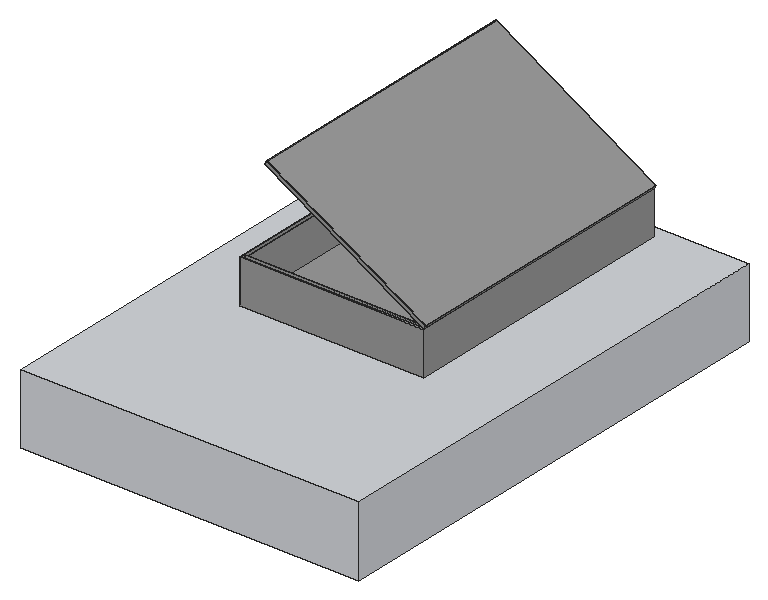
Revit family "Hager-Univers-IP44-D205-H1250-Cl.II-Encl-DE-de", category Equipement électrique, Revit 2020
Family settings
  Hôte = Face
  Configuration du panneau = Deux colonnes, circuits au sein
  Cote de connecteur circulaire = Utiliser le diamètre
  Type d'élément = Tableau de raccordement
  Couper avec des vides une fois chargée = Non
  Partagée = Non
  Point de calcul de pièce = Non
Parameters (values of type "Aufputz IP44 B800 H1250 T205  - FP83SN2")
  Width Control [instance] = if([EF000008 - Breite] > Min Width, [EF000008 - Breite], Min Width)  # 800 mm
  Commentaires du type = [HG000003 - Bereich]  # "Univers"
  Thickness Door [instance] = if([EF009171 - Materialstärke Tür/Deckel] > 3 mm, 3 mm, [EF009171 - Materialstärke Tür/Deckel])  # 1 mm
  Seal Frame Offset [instance] = 17 mm  # constant formula
  Plinth Visibility [instance] = [HG000027 - Sockelhöhe] > 0 mm  # no
  Model = ""
  Min Width [instance] = 100 mm  # constant formula
  Min Height [instance] = 100 mm  # constant formula
  Min Depth [instance] = (2 * [EF009170 - Materialstärke Gehäuse]) + 1 mm  # 3 mm
  Internal Frame Depth [instance] = (Door System Depth * 0.5)  # 9 mm
  Height Control [instance] = if([EF000040 - Höhe] > Min Height, [EF000040 - Höhe], Min Height)  # 1250 mm
  HG000027 - Sockelhöhe = 0 mm
  HG000026 - Stehend auf dem Boden = no
  HG000024 - Höhe des unteren Teils = 800 mm
  HG000023 - Gehäuse mit doppeltem Querschnitt = no
  HG000016 - 3D-Türsichtbarkeit [instance] = yes
  HG000015 - Sichtbarkeit der Türöffnung [instance] = no
  HG000014 - Tür rechts [instance] = yes
  HG000013 - Tür links [instance] = not([HG000014 - Tür rechts])  # no
  HG000012 - Türschwenkwinkel [instance] = 30.00°
  HG000010 - Asymmetrische Türen = no
  HG000009 - Doppelflügeligen Tür = no
  HG000006 - Unterputz = no
  HG000004 - Herstellerreferenz = "FP83SN2"
  HG000003 - Bereich = "Univers"
  HG000002 - Mit tür = yes
  Frame Offset Bottom [instance] = 10 mm  # constant formula
  Frame Offset [instance] = 15 mm  # constant formula
  EF015940 - Deckel mit Überdruckentlastung = no
  EF011959 - Schutzart (NEMA) = ""
  EF009554 - Anzahl der Öffnungen für Flanschplatten = 6
  Fabricant = "Hager"  # constant formula
  EF009212 - Ausführung Deckel = "EV000116 - geschlossen"
  EF009171 - Materialstärke Tür/Deckel = 1 mm
  EF009170 - Materialstärke Gehäuse = 1 mm
  EF008873 - Nennstrom (In) = 250 A
  EF007800 - Geeignet für Blitzschutz = no
  EF006306 - Mit Schloss = no
  EF006244 - Transparenter Deckel/Tür = no
  EF005474 - Schutzart (IP) = "EV006418 - IP44"
  EF004464 - Art der Tür = "EV002646 - Einzel"
  EF004427 - Anzahl der Module = 288
  EF004293 - Schlagfestigkeit = "EV006815 - IK09"
  EF003532 - Geeignet für Außengebrauch = no
  EF002950 - Breite in Teilungseinheiten = 36
  EF001613 - Funktionserhalt = "EV000494 - ohne"
  EF001596 - Werkstoff des Gehäuses = "EV000179 - Stahl"
  EF001131 - Innentiefe = 130 mm
  EF001088 - Anbaumöglichkeit = yes
  EF000437 - Anzahl der Leitungseinführungen = 6
  EF000339 - Art der Abdeckung = "EV004216 - Tür"
  EF000266 - Anzahl der Reihen = 8
  EF000218 - Einbautiefe = 205 mm
  EF000118 - Mit Montageplatte = no
  EF000116 - RAL-Nummer = "9010"
  EF000049 - Tiefe = 205 mm
  EF000040 - Höhe = 1250 mm
  EF000008 - Breite = 800 mm
  EF000007 - Farbe = "EV000202 - weiß"
  EF000003 - Montageart = "EV000384 - Aufputz"
  Door System Leaf Tolerance [instance] = 1.5 mm  # constant formula
  Door System Depth [instance] = 18 mm  # constant formula
  Door Height [instance] = Height Control - [HG000027 - Sockelhöhe]  # 1250 mm
  Depth Control [instance] = if([EF000049 - Tiefe] > Min Depth, [EF000049 - Tiefe], Min Depth)  # 205 mm
  Default Elevation = 0 mm
  Connector Offset [instance] = Height Control / 2  # 625 mm
  Bottom Top Plate Trim [instance] = 1.5 mm  # constant formula
  Plinth height Ctrl [instance] = if([HG000027 - Sockelhöhe] > 0 mm, [HG000027 - Sockelhöhe], 12 mm)  # 12 mm
Types (5, lengths in mm): name | Width Control | HG000010 - Asymmetrische Türen | HG000009 - Doppelflügeligen Tür | HG000004 - Herstellerreferenz | EF009554 - Anzahl der Öffnungen für Flanschplatten | EF004464 - Art der Tür | EF004427 - Anzahl der Module | EF002950 - Breite in Teilungseinheiten | EF001131 - Innentiefe | EF000437 - Anzahl der Leitungseinführungen | EF000339 - Art der Abdeckung | EF000008 - Breite
  Aufputz IP44 B1050 H1250 T205  - FP84SN2 | 1050 | no | yes | "FP84SN2" | 8 | "EV003602 - Doppel" | 384 | 48 | 130 | 8 | "EV004216 - Tür" | 1050
  Aufputz IP44 B1300 H1250 T205  - FP85SN2 | 1300 | yes | yes | "FP85SN2" | 10 | "EV003602 - Doppel" | 480 | 60 | 130 | 10 | "EV004216 - Tür" | 1300
  Aufputz IP44 B300 H1250 T205  - FP81SN2 | 300 | no | no | "FP81SN2" | 2 | "EV002646 - Einzel" | 96 | 12 | 143 | 2 | "EV001012 - Deckel" | 300
  Aufputz IP44 B550 H1250 T205  - FP82SN2 | 550 | no | no | "FP82SN2" | 4 | "EV002646 - Einzel" | 192 | 24 | 143 | 4 | "EV001012 - Deckel" | 550
  Aufputz IP44 B800 H1250 T205  - FP83SN2 | 800 | no | no | "FP83SN2" | 6 | "EV002646 - Einzel" | 288 | 36 | 130 | 6 | "EV004216 - Tür" | 800
Reference planes
  plane 1 "Center (Front/Back)": y = 0
  plane 2: z = 0
  plane 3 "Center (Left/Right)": x = 0
  plane 4: z = 205
  plane 5: y = 1
  plane 6: y = 625
  plane 7: y = 0
  plane 8: y = 1250
  plane 9: z = 0
  plane 10: x = -385
  plane 11: x = 385
  plane 12: x = 384
  plane 13: x = -384
  plane 14: y = 1249
  plane 15: x = -383
  plane 16: x = -400
  plane 17: x = 383
  plane 18: x = 400
  plane 19: x = 399
  plane 20: x = -399
  plane 21: y = 11
  plane 22: y = 1250
  plane 23: y = 1234
  plane 24: z = 187
  plane 25: z = 1
  plane 26: z = 186
  plane 27: z = 204
Forms (mm)
  Extrusion 1, solid
    sketch origin (0, 0, 0) x (1, 0, 0) y (0, 1, 0)
      loop
        line (-702.964, 1305) -> (-702.964, -811.445) -> (766.763, -811.445) -> (766.763, 1305) -> (-702.964, 1305)
    from 0 to -304.8
  Extrusion 2, solid, material "Hager_Steel_RAL7035_Light_Grey", visible <- "Plinth Visibility", detail levels medium+fine
    sketch origin (0, 0, 0) x (1, 0, 0) y (0, 1, 0)
      loop
        line (-400, 0) -> (400, 0) -> (400, 12) -> (-400, 12) -> (-400, 0)
    from 0 to 187
  Extrusion 3, solid, material "Hager_Steel_RAL7035_Light_Grey", detail levels medium+fine
    sketch origin (0, 0, 0) x (1, 0, 0) y (0, 1, 0)
      loop
        line (-400, 0) -> (400, 0) -> (400, 1250) -> (-400, 1250) -> (-400, 0)
    from 0 to 187
  Extrusion 4, void
    sketch origin (0, 0, 0) x (1, 0, 0) y (0, 1, 0)
      loop
        line (-399, 1) -> (399, 1) -> (399, 1249) -> (-399, 1249) -> (-399, 1)
    from 1 to 186
  Extrusion 5, void
    sketch origin (-381.607, -4572, 187) x (0, -1, 0) y (-1, 0, 0)
      loop
        line (-4583, 2.393) -> (-5806, 2.393) -> (-5806, -765.607) -> (-4583, -765.607) -> (-4583, 2.393)
    from 0 to 1 <- "EF009170 - Materialstärke Gehäuse"
  Extrusion 6, solid, material "Hager_Steel_RAL7035_Light_Grey", detail levels fine
    sketch origin (0, 0, 187) x (1, 0, 0) y (0, 1, 0)
      loop
        line (-384, 1234) -> (-384, 11) -> (384, 11) -> (384, 1234) -> (-384, 1234)
      loop
        line (-385, 10) -> (385, 10) -> (385, 1235) -> (-385, 1235) -> (-385, 10)
    from 0 to 9 <- "Internal Frame Depth"
  Extrusion 7, solid, material "Hager_Steel_RAL7035_Light_Grey", detail levels coarse
    sketch origin (0, 0, 0) x (1, 0, 0) y (0, 1, 0)
      loop
        line (-400, 0) -> (400, 0) -> (400, 1250) -> (-400, 1250) -> (-400, 0)
    from 0 to 205
  Sweep 8, void
    path in 3D
      loop
        line (-400, 12, 0) -> (400, 12, 0) -> (400, 12, 187) -> (-400, 12, 187) -> (-400, 12, 0)
    profile origin (-400, 12, 93.5) x (-1, 0, 0) y (0, -1, 0)
      loop
        line (0, 0) -> (0, 1.5) -> (-1.5, 1.5)
        arc (-1.5, 1.5) -> (-1.061, 0.439) -> (0, 0) r 1.5
Cuts and joins
  Extrusion 4, Extrusion 5 cuts Extrusion 3
  Sweep 8 cuts Extrusion 2
Lines and regions (mm)
  Masking region 1
    outline origin (0, 0, 0) x (1, 0, 0) y (0, 0, 1)
      loop
        line (-400, 205) -> (-400, 0) -> (400, 0) -> (400, 205) -> (-400, 205)
  Masking region 2, detail levels medium+fine
    outline origin (0, 140, 0) x (0, 1, 0) y (0, 0, 1)
      loop
        line (-140, 0) -> (1110, 0) -> (1110, 187) -> (-140, 187) -> (-140, 0)
  Masking region 3, not visible, detail levels medium+fine
    outline origin (0, 297.922, 0) x (0, 1, 0) y (0, 0, 1)
      loop
        line (338.578, 0) -> (378.578, 0) -> (378.578, 194)
        arc (378.578, 194) -> (375.649, 201.071) -> (368.578, 204) r 10
        line (368.578, 204) -> (338.578, 204) -> (338.578, 0)
  Masking region 4, detail levels coarse
    outline origin (0, 0, 180) x (0, 1, 0) y (0, 0, 1)
      loop
        line (0, -180) -> (1250, -180) -> (1250, 25) -> (0, 25) -> (0, -180)
  Masking region 5, visible <- "Plinth Visibility", detail levels medium+fine
    outline origin (0, 52.24, 12.345) x (0, 0, -1) y (0, 1, 0)
      loop
        line (10.845, -40.24) -> (-173.155, -40.24)
        arc (-173.155, -40.24) -> (-173.594, -41.301) -> (-174.655, -41.74) r 1.5
        line (-174.655, -41.74) -> (-174.655, -52.24) -> (12.345, -52.24) -> (12.345, -41.74)
        arc (12.345, -41.74) -> (11.285, -41.301) -> (10.845, -40.24) r 1.5
  Masking region 6, detail levels medium+fine
    outline origin (-381.607, -4572, 187) x (-1, 0, 0) y (0, -1, 0)
      loop
        line (18.393, -5822) -> (18.393, -4572) -> (-781.607, -4572) -> (-781.607, -5822) -> (18.393, -5822)
  Masking region 7, visible <- "Plinth Visibility", detail levels medium+fine
    outline origin (-381.607, -4727, 187) x (-1, 0, 0) y (0, -1, 0)
      loop
        arc (16.893, -4739) -> (17.332, -4737.939) -> (18.393, -4737.5) r 1.5
        line (18.393, -4737.5) -> (18.393, -4727) -> (-781.607, -4727) -> (-781.607, -4737.5)
        arc (-781.607, -4737.5) -> (-780.546, -4737.939) -> (-780.107, -4739) r 1.5
        line (-780.107, -4739) -> (16.893, -4739)
  Masking region 8, detail levels coarse
    outline origin (-442.548, -4669.526, 187) x (-1, 0, 0) y (0, -1, 0)
      loop
        line (-42.548, -5919.526) -> (-42.548, -4669.526) -> (-842.548, -4669.526) -> (-842.548, -5919.526) -> (-42.548, -5919.526)
  sketch lines
    curve 1: line (-400, 12, 187) -> (-400, 12, 0)
    curve 2: line (400, 12, 187) -> (-400, 12, 187)
    curve 3: line (400, 12, 187) -> (400, 12, 0)
    curve 4: line (-400, 12, 0) -> (400, 12, 0)
Dimensions and locks
  "Depth Control": plane 4 to Extrusion 1
  "HG000027 - Sockelhöhe": plane 1 "Center (Front/Back)" to plane 7
  "EF009170 - Materialstärke Gehäuse": plane 5 to plane 7
  locked: connector elem to plane 3 "Center (Left/Right)"
  equal spacing: plane 8, plane 6, plane 7
  locked: connector elem to plane 6
  "EF009170 - Materialstärke Gehäuse": plane 8 to plane 14
  "EF009170 - Materialstärke Gehäuse": plane 10 to plane 13
  "EF009170 - Materialstärke Gehäuse": plane 12 to plane 11
  "Frame Offset": plane 20 to plane 13
  "Frame Offset": plane 12 to plane 19
  "EF009170 - Materialstärke Gehäuse": plane 16 to plane 20
  "EF009170 - Materialstärke Gehäuse": plane 19 to plane 18
  "Seal Frame Offset": plane 16 to plane 15
  "Seal Frame Offset": plane 17 to plane 18
  "Frame Offset Bottom": plane 21 to plane 5
  "Frame Offset": plane 14 to plane 23
  equal spacing: plane 16, plane 3 "Center (Left/Right)", plane 18
  "Width Control": plane 16 to plane 18
  "EF009170 - Materialstärke Gehäuse": plane 4 to plane 27
  "EF009170 - Materialstärke Gehäuse": plane 24 to plane 26
  "EF009170 - Materialstärke Gehäuse": plane 25 to level
  "Door System Depth": plane 4 to plane 24
  "Height Control": plane 1 "Center (Front/Back)" to Extrusion 7 sketch curve
  "Height Control": Masking region 4 sketch curve to plane 1 "Center (Front/Back)"
  "Height Control": plane 1 "Center (Front/Back)" to plane 22
  "Bottom Top Plate Trim": profile plane to Sweep 8 sketch curve
  "Bottom Top Plate Trim": Sweep 8 sketch curve to profile plane
  "Plinth height Ctrl": plane 1 "Center (Front/Back)" to Extrusion 2 sketch curve
  "Plinth height Ctrl": Masking region 5 sketch curve to plane 1 "Center (Front/Back)"
  "Plinth height Ctrl": plane 1 "Center (Front/Back)" to Masking region 7 sketch curve
  "Thickness Door": Extrusion 6 sketch curve to Extrusion 6 sketch curve  (x3)
  "Thickness Door": cut or joined group of Extrusion 3, Extrusion 4, Extrusion 5 to Extrusion 6 sketch curve
  radius of Masking region 3 sketch curve = 10 mm
  "Bottom Top Plate Trim": radius of Masking region 5 sketch curve  (x2)
  "Bottom Top Plate Trim": radius of Sweep 8 sketch curve
  "Bottom Top Plate Trim": radius of Masking region 7 sketch curve  (x2)
  aligned and locked: plane 2 to Extrusion 1
  aligned and locked: level to Extrusion 1
  aligned and locked: level to Masking region 1 sketch curve
  aligned and locked: Masking region 1 sketch curve to plane 18
  aligned and locked: Masking region 1 sketch curve to plane 16
  aligned and locked: plane 7 to Masking region 2 sketch curve
  aligned and locked: level to Masking region 3 sketch curve
  aligned and locked: Masking region 3 sketch curve to plane 27
  aligned and locked: level to Masking region 2 sketch curve
  aligned and locked: plane 1 "Center (Front/Back)" to Extrusion 2 sketch curve
  aligned and locked: Extrusion 3 sketch curve to plane 7
  aligned and locked: plane 16 to Extrusion 3 sketch curve
  aligned and locked: plane 18 to Extrusion 3 sketch curve
  aligned and locked: plane 20 to Extrusion 4 sketch curve
  aligned and locked: plane 19 to Extrusion 4 sketch curve
  aligned and locked: Extrusion 4 sketch curve to plane 5
  aligned and locked: Extrusion 4 to plane 25
  aligned and locked: plane 26 to Extrusion 4
  aligned and locked: plane 24 to Extrusion 3
  aligned and locked: Extrusion 5 sketch curve to plane 21
  aligned and locked: Extrusion 5 sketch curve to plane 13
  aligned and locked: Extrusion 5 sketch curve to plane 12
  aligned and locked: plane 18 to Extrusion 7 sketch curve
  aligned and locked: plane 1 "Center (Front/Back)" to Extrusion 7 sketch curve
  aligned and locked: plane 16 to Extrusion 7 sketch curve
  aligned and locked: plane 4 to Extrusion 7
  aligned and locked: Extrusion 7 to level
  aligned and locked: level to Masking region 4 sketch curve
  aligned and locked: Masking region 4 sketch curve to plane 1 "Center (Front/Back)"
  aligned and locked: Masking region 4 sketch curve to plane 4
  aligned and locked: nested 1 to level
  aligned and locked: nested 1 to plane 16
  aligned and locked: plane 8 to Extrusion 3 sketch curve
  aligned and locked: plane 23 to Extrusion 5 sketch curve
  aligned and locked: plane 14 to Extrusion 4 sketch curve
  aligned and locked: Masking region 2 sketch curve to plane 8
  aligned and locked: level to Masking region 5 sketch curve
  aligned and locked: plane 16 to Extrusion 2 sketch curve
  aligned and locked: plane 18 to Extrusion 2 sketch curve
  aligned and locked: Masking region 5 sketch curve to plane 24
  aligned and locked: Masking region 2 sketch curve to plane 24
  aligned and locked: plane 24 to Extrusion 2
  aligned and locked: profile plane to Sweep 8 sketch curve  (x2)
  aligned and locked: Masking region 6 sketch curve to plane 18
  aligned and locked: Masking region 6 sketch curve to plane 22
  aligned and locked: Masking region 6 sketch curve to plane 16
  aligned and locked: plane 8 to plane 22
  aligned and locked: Masking region 6 sketch curve to plane 7
  aligned and locked: Masking region 7 sketch curve to plane 16
  aligned and locked: Masking region 7 sketch curve to plane 1 "Center (Front/Back)"
  aligned and locked: Masking region 7 sketch curve to plane 18
  aligned and locked: Masking region 8 sketch curve to plane 1 "Center (Front/Back)"
  aligned and locked: Masking region 8 sketch curve to plane 18
  aligned and locked: Masking region 8 sketch curve to plane 22
  aligned and locked: Masking region 8 sketch curve to plane 16
  aligned and locked: nested 2 to plane 7
  aligned and locked: plane 3 "Center (Left/Right)" to nested 2
  aligned and locked: nested 2 to plane 24
  aligned and locked: Extrusion 6 sketch curve to cut or joined group of Extrusion 3, Extrusion 4, Extrusion 5  (x4)
Automatic sketch dimensions
  Extrusion 1 sketch curve to Extrusion 1 sketch curve = 1469.727 mm
  Extrusion 1 sketch curve to Extrusion 1 sketch curve = 2116.445 mm
  Masking region 1 sketch curve to plane 4 = 0 mm
  plane 6 to Masking region 3 sketch curve = 11.5 mm
  Masking region 3 sketch curve to Masking region 3 sketch curve = 30 mm
  Masking region 5 sketch curve to plane 1 "Center (Front/Back)" = 0 mm
Nested families
  nested 1: "Hager_Enclosure_Symbol" at (-400, 0, 0) x (1, 0, 0) z (0, -1, 0), Height <- "Depth Control", Width <- "Width Control", type "Hager_Enclosure_Symbol"
    with Width_Ctrl 800 mm, Width 800 mm, Height_Ctrl 205 mm, Height 205 mm, A_Width_Int 13.453 mm, A_Width 161.438 mm, A_Height_Ctrl 179.375 mm, A_Height 179.375 mm
  nested 2: "EC000058_Univers_Door" at (0, 0, 187) x (1, 0, 0) z (0, 1, 0), Leaf_Tolerance <- "Door System Leaf Tolerance", Angle <- "HG000012 - Türschwenkwinkel", Door_Depth <- "Door System Depth", Door_Left <- "HG000013 - Tür links", Transparent <- "EF006244 - Transparenter Deckel/Tür", Assymetrical <- "HG000010 - Asymmetrische Türen", Width <- "Width Control", Clearance <- "HG000015 - Sichtbarkeit der Türöffnung", Double <- "HG000009 - Doppelflügeligen Tür", 3d_Door <- "HG000016 - 3D-Türsichtbarkeit", Lock_Visibility <- "EF006306 - Mit Schloss", Width_Ctrl <- "Width Control", Door_Right <- "HG000014 - Tür rechts", Door <- "HG000002 - Mit tür", Height <- "Door Height", Thickness <- "Thickness Door", type "EC000058_Univers_Door", detail levels medium+fine
    with min_wh 3 mm, Width_Ctrl 800 mm, Width 800 mm, Transparent no, Thickness 1 mm, Seal_Material Hager_Rubber, Lock_Visibility no, Lock_Material Hager_Plastic_RAL9005_Jet_Black, Leaf_Width 800 mm, Leaf_Tolerance_External_Sides 0 mm, Leaf_Tolerance 1.5 mm, Leaf_Offset 0 mm, Leaf_Height 1247 mm, Leaf_2_Width 800 mm, Leaf_2_Offset 400 mm, Leaf_1_Width 800 mm, Leaf_1_Offset 400 mm, Height_Ctrl 1250 mm, Height 1250 mm, Glass_Material Hager_Glass, Double_Clearance_Ctrl no, Double no, Door_Right_Ctrl yes, Door_Right yes, Door_Material Hager_Steel_RAL7035_Light_Grey, Door_Left_Ctrl no, Door_Left no, Door_Depth 18 mm, Door yes, Clearance_Material Hager_Clearance, Clearance_Depth 800 mm, Clearance_Ctrl no, Clearance no, Assymetrical no, Angle 30.00°, 3d_Door yes
Connectors
  electrical at (0, 625, 0)
    settings: on plane 9, index 1, voltage 0 V, apparent load 0 VA, apparent load phase1 0 VA, apparent load phase2 0 VA, apparent load phase3 0 VA, power factor 1, load classification "Other", number of poles 1, system type 30, power factor state 1, is connector primary yes, connector utility no, sub classification motor no, connector description ""
Definition of nested family "EC000058_Univers_Door"
  Parameters (values of type "EC000058_Univers_Door")
    min_wh [instance] = (2 * Thickness) + 1 mm  # 11 mm
    Width_Ctrl [instance] = 400 mm
    Width [instance] = 500 mm
    Transparent [instance] = yes
    Thickness [instance] = 5 mm
    Seal_Material [instance] = none
    Lock_Visibility [instance] = yes
    Lock_Material [instance] = none
    Leaf_Width [instance] = if((Width_Ctrl - 2 * Leaf_Tolerance_External_Sides) > 0 mm, (Width_Ctrl - 2 * Leaf_Tolerance_External_Sides), min_wh)  # 400 mm
    Leaf_Tolerance_External_Sides [instance] = 0 mm  # constant formula
    Leaf_Tolerance [instance] = 1.5 mm
    Leaf_Offset [instance] = 0 mm  # constant formula
    Leaf_Height [instance] = if((Height_Ctrl - 2 * Leaf_Tolerance) > 0 mm, (Height_Ctrl - 2 * Leaf_Tolerance), min_wh)  # 497 mm
    Leaf_2_Width [instance] = if(and(and(Double, Assymetrical), Door_Left), (Leaf_Width / 3) - (Leaf_Tolerance / 2), if(and(and(Double, Assymetrical), Door_Right), (Leaf_Width / 3) * 2 - (Leaf_Tolerance / 2), if(and(Double, not(Assymetrical)), (Leaf_Width / 2) - Leaf_Tolerance, Leaf_Width)))  # 400 mm
    Leaf_2_Offset [instance] = if(and(Double, Assymetrical), Leaf_2_Width / 2, if(and(Double, not(Assymetrical)), Leaf_Width / 4, Leaf_Width / 2))  # 200 mm
    Leaf_1_Width [instance] = if(and(and(Double, Assymetrical), Door_Right), (Leaf_Width / 3) - (Leaf_Tolerance / 2), if(and(and(Double, Assymetrical), Door_Left), (Width / 3) * 2 - (Leaf_Tolerance / 2), if(and(Double, not(Assymetrical)), (Leaf_Width / 2) - Leaf_Tolerance, Leaf_Width)))  # 400 mm
    Leaf_1_Offset [instance] = if(and(Double, Assymetrical), Leaf_1_Width / 2, if(and(Double, not(Assymetrical)), Leaf_Width / 4, Leaf_Width / 2))  # 200 mm
    Height_Ctrl [instance] = if(Height > min_wh, Height, min_wh)  # 500 mm
    Height [instance] = 500 mm
    Glass_Material [instance] = none
    Double_Clearance_Ctrl [instance] = and(Double, Clearance)  # no
    Double [instance] = no
    Door_Right_Ctrl [instance] = and(or(Door_Right, Double), Door)  # yes
    Door_Right [instance] = yes
    Door_Material [instance] = none
    Door_Left_Ctrl [instance] = and(or(Door_Left, Double), Door)  # no
    Door_Left [instance] = no
    Door_Depth [instance] = 30 mm
    Door [instance] = yes
    Default Elevation = 1219.2 mm
    Clearance_Material [instance] = none
    Clearance_Depth [instance] = if(Leaf_1_Width > Leaf_2_Width, Leaf_1_Width, Leaf_2_Width)  # 400 mm
    Clearance_Ctrl [instance] = and(not(Double), Clearance)  # yes
    Clearance [instance] = yes
    Assymetrical [instance] = yes
    Angle [instance] = 30.00°
    3d_Door [instance] = yes
  Reference planes
    plane 1 "Center (Front/Back)": y = 0
    plane 2 "Bottom": z = 0
    plane 3 "Center (Left/Right)": x = 0
    plane 4: z = 500
    plane 5: x = -200
    plane 6: x = 200
    plane 7: z = 500
    plane 8: x = -200
    plane 9: z = 0
    plane 10: x = 200
    plane 11: y = 0
    plane 12: z = 1.5
    plane 13: x = -600
    plane 14: y = -400
    plane 15: x = 600
    plane 16: x = 0
    plane 17: x = 0
    plane 18: x = -200
    plane 19: x = 200
    plane 20: z = 498.5
  Forms (mm)
    Extrusion 1, solid, material <- "Clearance_Material", visible <- "Double_Clearance_Ctrl"
      sketch origin (1200, 0, 0) x (1, 0, 0) y (0, 0, -1)
        loop
          line (-1800, -498.5) -> (-600, -498.5) -> (-600, 0) -> (-1800, 0) -> (-1800, -498.5)
      from 0 to -400
  Dimensions and locks
    equal spacing: plane 5, plane 3 "Center (Left/Right)", plane 6
    "Width_Ctrl": plane 5 to plane 6
    "Leaf_Offset": plane 5 to plane 8
    "Leaf_Offset": plane 6 to plane 10
    "Leaf_Offset": plane 9 to level
    "Leaf_Offset": plane 4 to plane 7
    "Height_Ctrl": plane 4 to level
    "Leaf_Tolerance": plane 12 to plane 9
    locked: plane 11 to plane 1 "Center (Front/Back)"
    "Leaf_1_Offset": plane 18 to plane 16
    "Leaf_2_Offset": plane 17 to plane 19
    "Leaf_1_Width": plane 13 to plane 8
    "Leaf_2_Width": plane 10 to plane 15
    "Clearance_Depth": plane 14 to plane 1 "Center (Front/Back)"
    "Leaf_Tolerance_External_Sides": plane 8 to plane 18
    "Leaf_Tolerance_External_Sides": plane 19 to plane 10
    "Leaf_Tolerance": plane 7 to plane 20
    aligned and locked: level to plane 2 "Bottom"
    aligned and locked: nested 1 to plane 16
    aligned and locked: nested 2 to plane 17
    aligned and locked: Extrusion 1 to plane 13
    aligned and locked: plane 15 to Extrusion 1
    aligned and locked: Extrusion 1 to plane 14
    aligned and locked: plane 12 to nested 1
    aligned and locked: nested 2 to plane 12
    aligned and locked: Extrusion 1 to plane 11
    aligned and locked: plane 20 to Extrusion 1
    aligned and locked: nested 2 to plane 11
    aligned and locked: nested 1 to plane 11
  Automatic sketch dimensions
    Extrusion 1 sketch curve to level = 0 mm
    plane 5 to Extrusion 1 sketch curve = 400 mm
    plane 6 to Extrusion 1 sketch curve = 400 mm
    Extrusion 1 sketch curve to plane 4 = 1.5 mm
  Nested families
    nested 1: "EC000058_Univers_Door_Leaf" at (0, 0, 1.5), Width <- "Leaf_1_Width", visible <- "Door_Left_Ctrl", Leaf_Height <- "Leaf_Height", Angle <- "Angle", 3d_Door <- "3d_Door", Transparent <- "Transparent", Clearance Material <- "Clearance_Material", Clearance <- "Clearance_Ctrl", Door_Material <- "Door_Material", Glass_Material <- "Glass_Material", Door_Depth <- "Door_Depth", Lock_Material <- "Lock_Material", Seal_Material <- "Seal_Material", Lock_Visibility <- "Lock_Visibility", Thickness <- "Thickness", type "EC000058_Univers_Door_Leaf"
      with Width 400 mm, Transparent_Glass_Offset 30 mm, Transparent_Ctrl yes, Transparent yes, Thickness 5 mm, Standard no, Seal_Material none, Seal_D2 8 mm, Seal_D1 1 mm, Offset_Internal_Frame 10 mm, Lock_Width 20 mm, Lock_Visibility_3d yes, Lock_Visibility yes, Lock_Thickness_3 3 mm, Lock_Thickness_2 1 mm, Lock_Thickness_1 3 mm, Lock_Radius_Offset_2 16 mm, Lock_Radius_Offset_1 15 mm, Lock_Radius_2 5 mm, Lock_Radius 6 mm, Lock_Offset 5 mm, Lock_Material none, Lock_Height 80 mm, Lock_Cover_Top_Offset_2d 17 mm, Lock_Cover_Height -65 mm, Leaf_Height 497 mm, Internal_Seal_Thickness 8 mm, Internal_Seal_Depth_2 4.5 mm, Internal_Frame_Depth 25 mm, Glass_Thickness -1 mm, Glass_Offset -2 mm, Glass_Material none, Door_Material none, Door_Depth 30 mm, Clearance Material none, Clearance yes, Angle_Ctrl 30.00°, Angle 30.00°, 3d_Door yes
    nested 2: "EC000058_Univers_Door_Leaf" at (0, 0, 1.5) x (-1, 0, 0) z (0, 0, 1), Width <- "Leaf_2_Width", visible <- "Door_Right_Ctrl", Leaf_Height <- "Leaf_Height", Angle <- "Angle", 3d_Door <- "3d_Door", Transparent <- "Transparent", Clearance Material <- "Clearance_Material", Clearance <- "Clearance_Ctrl", Door_Material <- "Door_Material", Glass_Material <- "Glass_Material", Door_Depth <- "Door_Depth", Lock_Material <- "Lock_Material", Seal_Material <- "Seal_Material", Lock_Visibility <- "Lock_Visibility", Thickness <- "Thickness", type "EC000058_Univers_Door_Leaf"
      with Width 400 mm, Transparent_Glass_Offset 30 mm, Transparent_Ctrl yes, Transparent yes, Thickness 5 mm, Standard no, Seal_Material none, Seal_D2 8 mm, Seal_D1 1 mm, Offset_Internal_Frame 10 mm, Lock_Width 20 mm, Lock_Visibility_3d yes, Lock_Visibility yes, Lock_Thickness_3 3 mm, Lock_Thickness_2 1 mm, Lock_Thickness_1 3 mm, Lock_Radius_Offset_2 16 mm, Lock_Radius_Offset_1 15 mm, Lock_Radius_2 5 mm, Lock_Radius 6 mm, Lock_Offset 5 mm, Lock_Material none, Lock_Height 80 mm, Lock_Cover_Top_Offset_2d 17 mm, Lock_Cover_Height -65 mm, Leaf_Height 497 mm, Internal_Seal_Thickness 8 mm, Internal_Seal_Depth_2 4.5 mm, Internal_Frame_Depth 25 mm, Glass_Thickness -1 mm, Glass_Offset -2 mm, Glass_Material none, Door_Material none, Door_Depth 30 mm, Clearance Material none, Clearance yes, Angle_Ctrl 30.00°, Angle 30.00°, 3d_Door yes
  Definition of nested family "EC000058_Univers_Door_Leaf"
    Parameters (values of type "EC000058_Univers_Door_Leaf")
      Width [instance] = 2000 mm
      Transparent_Glass_Offset [instance] = 30 mm
      Transparent_Ctrl [instance] = and(Transparent, [3d_Door])  # yes
      Transparent [instance] = yes
      Thickness [instance] = 5 mm
      Standard [instance] = and(not(Transparent), [3d_Door])  # no
      Seal_Material [instance] = none
      Seal_D2 [instance] = 8 mm  # constant formula
      Seal_D1 [instance] = 1 mm  # constant formula
      Offset_Internal_Frame [instance] = 10 mm  # constant formula
      Lock_Width [instance] = 20 mm  # constant formula
      Lock_Visibility_3d [instance] = and(Lock_Visibility, [3d_Door])  # yes
      Lock_Visibility [instance] = yes
      Lock_Thickness_3 [instance] = 3 mm  # constant formula
      Lock_Thickness_2 [instance] = 1 mm  # constant formula
      Lock_Thickness_1 [instance] = 3 mm  # constant formula
      Lock_Radius_Offset_2 [instance] = Lock_Radius_Offset_1 + 1 mm  # 16 mm
      Lock_Radius_Offset_1 [instance] = 15 mm  # constant formula
      Lock_Radius_2 [instance] = Lock_Radius - 1 mm  # 5 mm
      Lock_Radius [instance] = 6 mm  # constant formula
      Lock_Offset [instance] = 5 mm  # constant formula
      Lock_Material [instance] = none
      Lock_Height [instance] = 80 mm  # constant formula
      Lock_Cover_Top_Offset_2d [instance] = Lock_Radius_Offset_2 + 1 mm  # 17 mm
      Lock_Cover_Height [instance] = -(Lock_Height - Lock_Radius_Offset_1)  # -65 mm
      Leaf_Height [instance] = 2720.336 mm
      Internal_Seal_Thickness [instance] = 8 mm  # constant formula
      Internal_Seal_Depth_2 [instance] = 4.5 mm  # constant formula
      Internal_Frame_Depth [instance] = if(Door_Depth - Thickness > 5 mm, Door_Depth - Thickness, 5 mm)  # 25 mm
      Glass_Thickness [instance] = if(Thickness > 15 mm, Glass_Offset + 10 mm, -1 mm)  # -1 mm
      Glass_Offset [instance] = if(Thickness > 15 mm, -(Thickness + 10 mm) / 2, -2 mm)  # -2 mm
      Glass_Material [instance] = none
      Door_Material [instance] = none
      Door_Depth [instance] = 30 mm
      Default Elevation = 0 mm
      Clearance Material [instance] = none
      Clearance [instance] = yes
      Angle_Ctrl [instance] = if(Angle > 180.00°, 180.00°, Angle)  # 90.00°
      Angle [instance] = 90.00°
      3d_Door [instance] = yes
    Reference planes
      plane 1 "Center (Front/Back)": y = 0
      plane 2: z = 0
      plane 3 "Center (Left/Right)": x = 0
      plane 4: y = 2000
      plane 5: x = -1000
      plane 6: x = 1000
      plane 7: x = -3000
      plane 8: z = 2720.336
      plane 9: z = 30
      plane 10: z = 2690.336
      plane 11: x = 970
      plane 12: x = -970
      plane 13: y = -3
      plane 14: z = 107.833
      plane 15: y = -5
      plane 16: y = -223.314
      plane 17: x = -1000
      plane 18: z = 1360.168
      plane 19: y = 30
    Forms (mm)
      Extrusion 1, solid, material <- "Clearance Material", visible <- "Clearance"
        sketch origin (0, 0, 0) x (1, 0, 0) y (0, 0, 1)
          loop
            line (-3000, 2720.336) -> (-3000, 0) -> (1000, 0) -> (1000, 2720.336) -> (-3000, 2720.336)
        from 0 to -2000
      Extrusion 2, solid, material <- "Door_Material", visible <- "Standard", detail levels medium+fine
        sketch origin (-1000, 0, 0) x (0, 1, 0) y (-1, 0, 0)
          loop
            line (0, 30) -> (0, 25) -> (2000, 25) -> (2000, 30) -> (0, 30)
        from 0 to 2720.336 <- "Leaf_Height"
      Extrusion 3, solid, material <- "Door_Material", visible <- "Transparent_Ctrl", detail levels medium+fine
        sketch origin (-1000, 0, 0) x (0, 1, 0) y (-1, 0, 0)
          loop
            line (0, 25) -> (2000, 25) -> (2000, 30) -> (0, 30) -> (0, 25)
        from 0 to 2720.336 <- "Leaf_Height"
      Extrusion 4, void
        sketch origin (-1025, 2000, 0) x (0, 1, 0) y (0, 0, -1)
          loop
            line (-30, -2690.336) -> (-30, -30) -> (-1970, -30) -> (-1970, -2690.336) -> (-30, -2690.336)
        from 0 to 5 <- "Thickness"
      Sweep 5, solid, material <- "Seal_Material", visible <- "Transparent_Ctrl", detail levels fine
        path in 3D
          loop
            line (-1025, 30, 30) -> (-1025, 30, 2690.336) -> (-1025, 1970, 2690.336) -> (-1025, 1970, 30) -> (-1025, 30, 30)
        profile origin (-1025, 1000, 30) x (1, 0, 0) y (0, 0, 1)
          loop
            line (0, 0) -> (0, -8) -> (1, -8) -> (1, 0) -> (0, 0)
      Extrusion 6, solid, material <- "Glass_Material", visible <- "Transparent_Ctrl", detail levels medium+fine
        sketch origin (-1030, 0, 0) x (0, 1, 0) y (0, 0, -1)
          loop
            line (1970, -2690.336) -> (1970, -30) -> (30, -30) -> (30, -2690.336) -> (1970, -2690.336)
        from -2 <- "Glass_Offset" to -1 <- "Glass_Thickness"
      Extrusion 7, solid, material <- "Door_Material", visible <- "3d_Door", detail levels medium+fine
        sketch origin (-1025, 2000, 0) x (0, -1, 0) y (0, 0, -1)
          loop
            line (0, -2720.336) -> (2000, -2720.336) -> (2000, 0) -> (0, 0) -> (0, -2720.336)
          loop
            line (1995, -5) -> (5, -5) -> (5, -2715.336) -> (1995, -2715.336) -> (1995, -5)
        from 0 to 25 <- "Internal_Frame_Depth"
      Sweep 8, solid, material <- "Seal_Material", visible <- "Transparent_Ctrl", detail levels fine
        path in 3D
          loop
            line (-1025, 0, 0) -> (-1025, 2000, 0) -> (-1025, 2000, 2720.336) -> (-1025, 0, 2720.336) -> (-1025, 0, 0)
        profile origin (-1025, 0, 1360.168) x (1, 0, 0) y (0, 1, 0)
          loop
            line (0, 10) -> (2.975, 10)
            arc (2.975, 10) -> (4.053, 10.447) -> (4.5, 11.525) r 1.525
            line (4.5, 11.525) -> (4.5, 16.527)
            arc (4.5, 16.527) -> (4.069, 17.569) -> (3.027, 18) r 1.473
            line (3.027, 18) -> (0, 18) -> (0, 10)
      Extrusion 9, solid, material <- "Lock_Material", visible <- "Lock_Visibility_3d", detail levels fine
        sketch origin (-1030, 0, 0) x (0, 1, 0) y (0, 0, -1)
          loop
            arc (1993.5, -1400.168) -> (1994.561, -1399.729) -> (1995, -1398.668) r 1.5
            line (1995, -1398.668) -> (1995, -1320.168) -> (1975, -1320.168) -> (1975, -1398.668)
            arc (1975, -1398.668) -> (1975.439, -1399.729) -> (1976.5, -1400.168) r 1.5
            line (1976.5, -1400.168) -> (1993.5, -1400.168)
        from 3 <- "Lock_Thickness_1" to 0
      Blend 10, solid, material <- "Lock_Material", visible <- "Lock_Visibility_3d", detail levels fine
        base sketch origin (-1033, 0, 0) x (0, 1, 0) y (0, 0, -1)
          loop
            line (1975, -1320.168) -> (1975, -1398.668)
            arc (1975, -1398.668) -> (1975.439, -1399.729) -> (1976.5, -1400.168) r 1.5
            line (1976.5, -1400.168) -> (1993.5, -1400.168)
            arc (1993.5, -1400.168) -> (1994.561, -1399.729) -> (1995, -1398.668) r 1.5
            line (1995, -1398.668) -> (1995, -1320.168) -> (1975, -1320.168)
        top sketch origin (-1033, 0, 0) x (0, 1, 0) y (0, 0, -1)
          loop
            line (1976, -1320.168) -> (1976, -1398.668)
            arc (1976, -1398.668) -> (1976.146, -1399.022) -> (1976.5, -1399.168) r 0.5
            line (1976.5, -1399.168) -> (1993.5, -1399.168)
            arc (1993.5, -1399.168) -> (1993.854, -1399.022) -> (1994, -1398.668) r 0.5
            line (1994, -1398.668) -> (1994, -1320.168) -> (1976, -1320.168)
        from 0 to 1 <- "Lock_Thickness_2"
      Blend 11, solid, material <- "Lock_Material", visible <- "Lock_Visibility_3d", detail levels fine
        base sketch origin (-1034, 0, 0) x (0, 1, 0) y (0, 0, -1)
          loop
            line (1978, -1320.168) -> (1978, -1384.168)
            arc (1978, -1384.168) -> (1985, -1391.168) -> (1992, -1384.168) r 7
            line (1992, -1384.168) -> (1992, -1320.168) -> (1978, -1320.168)
        top sketch origin (-1034, 0, 0) x (0, 1, 0) y (0, 0, -1)
          loop
            line (1991, -1320.168) -> (1979, -1320.168) -> (1979, -1383.168)
            arc (1979, -1383.168) -> (1985, -1389.168) -> (1991, -1383.168) r 6
            line (1991, -1383.168) -> (1991, -1320.168)
        from 0 to 3 <- "Lock_Thickness_3"
      Extrusion 12, solid, material <- "Lock_Material", visible <- "Lock_Visibility_3d", detail levels fine
        sketch origin (-1030, 1975, 1320.168) x (1, 0, 0) y (0, -1, 0)
          loop
            line (-7, -19) -> (-7, -1) -> (0, -1) -> (0, 0) -> (-8, 0) -> (-8, -20) -> (0, -20) -> (0, -19) -> (-7, -19)
        from 0 to -65 <- "Lock_Cover_Height"
      Extrusion 13, void
        sketch origin (-1038, 1995, 1320.168) x (-1, 0, 0) y (0, 0, -1)
          loop
            line (-5, -65) -> (0, -65) -> (-5, -60) -> (-5, -65)
        from 0 to 20 <- "Lock_Width"
      Extrusion 14, void
        sketch origin (-1038, 1975, 1320.168) x (0, -1, 0) y (0, 0, -1)
          loop
            circle (-10, -15.995) r 6
          loop
            circle (-10, -15.995) r 5
        from 0 to 2
      Extrusion 15, solid, material <- "Lock_Material", visible <- "Lock_Visibility_3d", detail levels medium
        sketch origin (-1030, 0, 0) x (0, 1, 0) y (0, 0, -1)
          loop
            arc (1993.5, -1400.168) -> (1994.561, -1399.729) -> (1995, -1398.668) r 1.5
            line (1995, -1398.668) -> (1995, -1320.168) -> (1975, -1320.168) -> (1975, -1398.668)
            arc (1975, -1398.668) -> (1975.439, -1399.729) -> (1976.5, -1400.168) r 1.5
            line (1976.5, -1400.168) -> (1993.5, -1400.168)
        from 8 to 0
    Cuts and joins
      Extrusion 4 cuts Extrusion 3
      Extrusion 13, Extrusion 14 cuts Extrusion 9
      Extrusion 14 cuts Blend 11
      Extrusion 13, Extrusion 14 cuts Extrusion 12
      joined: Extrusion 9, Blend 10, Blend 11, Extrusion 12
      Extrusion 14 cuts Extrusion 15
    Lines and regions (mm)
      Masking region 1, visible <- "Lock_Visibility", detail levels fine
        outline origin (0, 0, 0) x (0, 1, 0) y (0, 0, 1)
          loop
            line (30, 1320.168) -> (33, 1320.168) -> (33, 1400.168) -> (30, 1400.168) -> (30, 1320.168)
      Masking region 2, visible <- "Lock_Visibility", detail levels fine
        outline origin (0, 3.143, 0) x (0, 1, 0) y (0, 0, 1)
          loop
            line (29.857, 1354.168) -> (30.857, 1354.168) -> (30.857, 1366.168) -> (29.857, 1366.168) -> (29.857, 1354.168)
      Masking region 3, detail levels medium+fine
        outline origin (0, 0, 0) x (0, 1, 0) y (0, 0, 1)
          loop
            line (0, 0) -> (30, 0) -> (30, 2720.336) -> (0, 2720.336) -> (0, 0)
      Masking region 4, detail levels medium+fine
        outline origin (0, 0, 0) x (1, 0, 0) y (0, 0, 1)
          loop
            line (-1000, 2720.336) -> (-1000, 0) -> (1000, 0) -> (1000, 2720.336) -> (-1000, 2720.336)
      Masking region 5, visible <- "Lock_Visibility", detail levels fine
        outline origin (-47.116, 0, 0) x (1, 0, 0) y (0, 0, 1)
          loop
            arc (1024.616, 1399.168) -> (1023.556, 1398.729) -> (1023.116, 1397.668) r 1.5
            line (1023.116, 1397.668) -> (1023.116, 1320.168) -> (1041.116, 1320.168) -> (1041.116, 1397.668)
            arc (1041.116, 1397.668) -> (1040.677, 1398.729) -> (1039.616, 1399.168) r 1.5
            line (1039.616, 1399.168) -> (1024.616, 1399.168)
      Masking region 6, visible <- "Lock_Visibility", detail levels medium+fine
        outline origin (-25, 0, 0) x (1, 0, 0) y (0, 0, 1)
          loop
            arc (1001.5, 1400.168) -> (1000.439, 1399.729) -> (1000, 1398.668) r 1.5
            line (1000, 1398.668) -> (1000, 1320.168) -> (1020, 1320.168) -> (1020, 1398.668)
            arc (1020, 1398.668) -> (1019.561, 1399.729) -> (1018.5, 1400.168) r 1.5
            line (1018.5, 1400.168) -> (1001.5, 1400.168)
      Masking region 7, visible <- "Lock_Visibility", detail levels fine
        outline origin (-73.735, 0, 0) x (1, 0, 0) y (0, 0, 1)
          loop
            line (1051.735, 1382.168) -> (1065.735, 1382.168) -> (1065.735, 1384.168)
            arc (1065.735, 1384.168) -> (1058.735, 1391.168) -> (1051.735, 1384.168) r 7
            line (1051.735, 1384.168) -> (1051.735, 1382.168)
      Masking region 8, visible <- "Lock_Visibility", detail levels fine
        outline origin (-73.735, 0, 0) x (1, 0, 0) y (0, 0, 1)
          loop
            line (1052.735, 1382.168) -> (1064.735, 1382.168) -> (1064.735, 1383.168)
            arc (1064.735, 1383.168) -> (1058.735, 1389.168) -> (1052.735, 1383.168) r 6
            line (1052.735, 1383.168) -> (1052.735, 1382.168)
      Masking region 9, visible <- "Lock_Visibility", detail levels fine
        outline origin (-25, 0, 0) x (1, 0, 0) y (0, 0, 1)
          loop
            line (1020, 1320.168) -> (1020, 1382.168) -> (1000, 1382.168) -> (1000, 1320.168) -> (1020, 1320.168)
      Masking region 10, detail levels medium+fine
        outline origin (0, 0, 0) x (1, 0, 0) y (0, 0, 1)
          loop
            circle (985, 1335.144) r 6
      Masking region 11, detail levels fine
        outline origin (0, 0, 0) x (1, 0, 0) y (0, 0, 1)
          loop
            circle (985, 1335.144) r 5
      Masking region 12, visible <- "Lock_Visibility", detail levels fine
        outline origin (0, 12.767, 0) x (0, 1, 0) y (0, 0, 1)
          loop
            line (20.233, 1320.168) -> (21.233, 1320.168) -> (21.233, 1399.168) -> (20.233, 1400.168) -> (20.233, 1320.168)
      Masking region 13, visible <- "Lock_Visibility", detail levels fine
        outline origin (0, 13.767, -10) x (0, 1, 0) y (0, 0, 1)
          loop
            line (20.233, 1330.168) -> (23.233, 1330.168) -> (23.233, 1399.168) -> (20.233, 1402.168) -> (20.233, 1330.168)
      Masking region 14, visible <- "Lock_Visibility", detail levels fine
        outline origin (0, 12.767, -10) x (0, 1, 0) y (0, 0, 1)
          loop
            line (20.233, 1330.168) -> (25.233, 1330.168) -> (25.233, 1399.305) -> (20.233, 1394.305) -> (20.233, 1330.168)
      Masking region 15, visible <- "Lock_Visibility", detail levels medium
        outline origin (0, 0, 0) x (0, 1, 0) y (0, 0, 1)
          loop
            line (30, 1320.168) -> (38, 1320.168) -> (38, 1400.168) -> (30, 1400.168) -> (30, 1320.168)
      Masking region 16, visible <- "Lock_Visibility", detail levels fine
        outline origin (-1000, 0, 0) x (0, 1, 0) y (-1, 0, 0)
          loop
            line (1975, 30) -> (1995, 30) -> (1995, 38) -> (1975, 38) -> (1975, 30)
          loop
            line (1979, 37) -> (1976, 37) -> (1976, 34) -> (1978, 34) -> (1979, 37)
          loop
            line (1994, 37) -> (1991, 37) -> (1992, 34) -> (1994, 34) -> (1994, 37)
      Masking region 17, visible <- "Lock_Visibility", detail levels medium
        outline origin (-1000, 0, 0) x (0, 1, 0) y (-1, 0, 0)
          loop
            line (1975, 30) -> (1995, 30) -> (1995, 38) -> (1975, 38) -> (1975, 30)
      symbolic lines
        curve 1: line (1000, 0, 0) -> (-3000, 0, 0)
        curve 2: arc (1000, 0, 0) -> (-1000, 2000, 0) -> (-3000, 0, 0) r 2000
        curve 4: line (-1030, 0, 0) -> (-1030, 2000, 0)
      reference lines
        curve 3: line (-1000, 0, 0) -> (-1000, 2000, 0)
      symbolic lines, detail levels medium+fine
        curve 5: line (-1030, 2000, 0) -> (-1025, 2000, 0)
        curve 7: line (-1025, 0, 0) -> (-1030, 0, 0)
        curve 8: line (-1025, 0, 0) -> (-1000, 0, 0)
        curve 9: line (-1000, 0, 0) -> (-1000, 2000, 0)
        curve 10: line (-1000, 2000, 0) -> (-1025, 2000, 0)
      symbolic lines, detail levels fine
        curve 6: line (-1025, 2000, 0) -> (-1025, 0, 0)
      sketch lines
        curve 11: line (-1025, 0, 2720.336) -> (-1025, 0, 0)
        curve 12: line (-1025, 2000, 0) -> (-1025, 0, 0)
        curve 13: line (-1025, 2000, 2720.336) -> (-1025, 2000, 0)
        curve 14: line (-1025, 0, 2720.336) -> (-1025, 2000, 2720.336)
        curve 15: line (-1025, 1970, 30) -> (-1025, 30, 30)
        curve 16: line (-1025, 30, 30) -> (-1025, 30, 2690.336)
        curve 17: line (-1025, 1970, 2690.336) -> (-1025, 1970, 30)
        curve 18: line (-1025, 30, 2690.336) -> (-1025, 1970, 2690.336)
      symbolic lines, visible <- "Transparent", detail levels medium+fine
        curve 19: line (-970, 0, 2690.336) -> (970, 0, 2690.336)
        curve 20: line (-970, 0, 30) -> (-970, 0, 2690.336)
        curve 21: line (970, 0, 30) -> (-970, 0, 30)
        curve 22: line (970, 0, 2690.336) -> (970, 0, 30)
    Dimensions and locks
      "Width": plane 1 "Center (Front/Back)" to plane 4
      equal spacing: plane 5, plane 3 "Center (Left/Right)", plane 6
      "Width": plane 5 to plane 6
      "Width": plane 7 to plane 5
      "Leaf_Height": plane 8 to level
      "Width": curve 5 to curve 3
      "Width": curve 3 to curve 3
      plane 8 to plane 10 = 30 mm
      plane 9 to level = 30 mm
      plane 12 to plane 5 = 30 mm
      plane 6 to plane 11 = 30 mm
      Extrusion 1 to Extrusion 4 sketch curve = 30 mm
      "Transparent_Glass_Offset": curve 3 to Extrusion 4 sketch curve
      "Transparent_Glass_Offset": Extrusion 4 sketch curve to cut or joined group of Extrusion 3, Extrusion 4  (x2)
      cut or joined group of Extrusion 3, Extrusion 4 to Extrusion 6 sketch curve = 30 mm
      "Transparent_Glass_Offset": cut or joined group of Extrusion 3, Extrusion 4 to Extrusion 4 sketch curve
      "Thickness": curve 6 to curve 4
      "Thickness": Extrusion 7 sketch curve to Extrusion 7 sketch curve  (x4)
      "Door_Depth": curve 4 to curve 3
      "Offset_Internal_Frame": profile plane to Sweep 8 sketch curve
      "Internal_Seal_Thickness": Sweep 8 sketch curve to Sweep 8 sketch curve
      "Internal_Seal_Depth_2": profile plane to Sweep 8 sketch curve
      "Seal_D1": profile plane to Sweep 5 sketch curve
      "Seal_D2": profile plane to Sweep 5 sketch curve
      "Thickness": Extrusion 2 sketch curve to Extrusion 2 sketch curve
      equal spacing: Extrusion 9 sketch curve, plane 18, Extrusion 9 sketch curve  (x2)
      equal spacing: Masking region 1 sketch curve, plane 18, Masking region 1 sketch curve
      "Lock_Height": Masking region 1 sketch curve to Masking region 1 sketch curve
      "Lock_Radius": Masking region 2 sketch curve to plane 18 to Masking region 2 sketch curve
      Masking region 2 sketch curve to Masking region 1 = 1 mm
      "Door_Depth": plane 19 to plane 1 "Center (Front/Back)"
      "Lock_Thickness_1": Masking region 1 sketch curve to plane 19
      "Lock_Width": Extrusion 9 sketch curve to Extrusion 9 sketch curve
      "Lock_Height": Extrusion 9 sketch curve to Extrusion 9 sketch curve
      "Lock_Offset": cut or joined group of Extrusion 3, Extrusion 4 to Extrusion 9 sketch curve
      equal spacing: plane 8, plane 18, level
      "Lock_Radius_Offset_1": Blend 11 sketch curve to Blend 10
      locked: Blend 10 to Blend 11 sketch curve at 2  (x2)
      locked: var sketch to Blend 11 sketch curve at 1  (x2)
      "Lock_Radius_Offset_2": Blend 11 sketch curve to Blend 10
      locked: Extrusion 12 sketch curve to Extrusion 12 sketch curve at 1  (x3)
      Masking region 6 sketch curve to Masking region 6 sketch curve = 80 mm
      "Lock_Height": Masking region 6 sketch curve to Masking region 6 sketch curve
      "Lock_Width": Masking region 6 sketch curve to Masking region 6 sketch curve
      locked: Masking region 6 to Masking region 5 sketch curve at 1  (x3)
      locked: Masking region 5 to Masking region 7 sketch curve at 2  (x2)
      "Lock_Radius_Offset_1": Masking region 5 to Masking region 7 sketch curve
      "Lock_Radius_Offset_2": Masking region 5 to Masking region 8 sketch curve
      locked: Masking region 7 to Masking region 8 sketch curve at 1  (x2)
      "Lock_Cover_Top_Offset_2d": Masking region 5 to Masking region 9 sketch curve
      equal spacing: Masking region 9, Masking region 10 sketch curve, Masking region 9
      equal spacing: Masking region 9, Masking region 11 sketch curve, Masking region 9
      Extrusion 15 sketch curve to Extrusion 15 sketch curve = 80 mm
      "Lock_Width": Extrusion 15 sketch curve to Extrusion 15 sketch curve
      "Lock_Height": Extrusion 15 sketch curve to Extrusion 15 sketch curve
      equal spacing: Extrusion 15 sketch curve, plane 18, Extrusion 15 sketch curve
      "Lock_Thickness_3": Masking region 13 sketch curve to Masking region 13 sketch curve
      "Lock_Height": Masking region 12 sketch curve to Masking region 12 sketch curve
      locked: Masking region 13 sketch curve to Masking region 1 at 8
      locked: Masking region 14 sketch curve to Masking region 13 at 1
      locked: Masking region 14 sketch curve to Masking region 1 at 10.863
      "Lock_Height": Masking region 15 sketch curve to Masking region 15 sketch curve
      "Lock_Offset": Extrusion 15 sketch curve to cut or joined group of Extrusion 3, Extrusion 4
      "Lock_Offset": plane 6 to Masking region 6 sketch curve
      radius of Sweep 8 sketch curve = 1.525 mm
      radius of Sweep 8 sketch curve = 1.473 mm
      radius of Extrusion 9 sketch curve = 1.5 mm  (x2)
      "Lock_Radius": radius of Extrusion 14 sketch curve
      "Lock_Radius_2": radius of Extrusion 14 sketch curve
      "Lock_Radius": radius of Masking region 10 sketch curve
      "Lock_Radius_2": radius of Masking region 11 sketch curve
      radius of Extrusion 15 sketch curve = 1.5 mm  (x2)
      "Angle_Ctrl": angle plane 1 "Center (Front/Back)" to curve 3
      locked: Masking region 12 sketch curve to Masking region 12 sketch curve (angle 45.00°)
      locked: Masking region 13 sketch curve to Masking region 13 sketch curve (angle 45.00°)
      locked: Masking region 14 sketch curve to Masking region 14 sketch curve (angle 45.00°)
      aligned and locked: level to plane 2
      aligned and locked: Extrusion 1 to curve 1
      aligned and locked: plane 6 to Extrusion 1
      aligned and locked: Extrusion 1 to plane 1 "Center (Front/Back)"
      aligned and locked: plane 4 to Extrusion 1
      aligned and locked: plane 8 to Extrusion 1
      aligned and locked: curve 7 to Extrusion 2 sketch curve
      aligned and locked: curve 5 to Extrusion 2 sketch curve
      aligned and locked: curve 7 to Extrusion 3 sketch curve
      aligned and locked: Extrusion 3 sketch curve to curve 4
      aligned and locked: Extrusion 3 sketch curve to curve 6
      aligned and locked: Extrusion 3 sketch curve to curve 5
      aligned and locked: curve 9 to curve 3
      aligned and locked: Extrusion 7 sketch curve to cut or joined group of Extrusion 3, Extrusion 4  (x4)
      aligned and locked: plane 17 to curve 3
      aligned and locked: plane 1 "Center (Front/Back)" to curve 3
      aligned and locked: plane 17 to plane 5
      aligned and locked: Sweep 8 sketch curve to profile plane
      aligned and locked: Sweep 5 sketch curve to profile plane  (x2)
      aligned and locked: Masking region 1 to Masking region 2 sketch curve
      aligned and locked: plane 19 to Masking region 1 sketch curve
      aligned and locked: plane 1 "Center (Front/Back)" to Masking region 3 sketch curve
      aligned and locked: plane 19 to Masking region 3 sketch curve
      aligned and locked: level to Masking region 3 sketch curve
      aligned and locked: Masking region 3 sketch curve to plane 8
      aligned and locked: plane 17 to Masking region 4 sketch curve
      aligned and locked: level to Masking region 4 sketch curve
      aligned and locked: Masking region 4 sketch curve to plane 8
      aligned and locked: plane 12 to curve 20
      aligned and locked: plane 10 to curve 19
      aligned and locked: plane 11 to curve 22
      aligned and locked: curve 21 to plane 9
      aligned and locked: Extrusion 2 sketch curve to cut or joined group of Extrusion 3, Extrusion 4
      aligned and locked: Blend 10 sketch curve to Extrusion 9  (x4)
      aligned and locked: Extrusion 9 to Blend 10 sketch curve
      aligned and locked: Blend 10 to Blend 11 sketch curve
      aligned and locked: Extrusion 12 sketch curve to Blend 11
      aligned and locked: Extrusion 12 sketch curve to Extrusion 9  (x4)
      aligned and locked: Masking region 5 sketch curve to Masking region 6
      aligned and locked: Masking region 9 sketch curve to Masking region 6  (x3)
      aligned and locked: Masking region 12 sketch curve to Masking region 1
      aligned and locked: Masking region 13 sketch curve to Masking region 1
      aligned and locked: Masking region 12 to Masking region 14
      aligned and locked: Masking region 14 sketch curve to Masking region 1
      aligned and locked: Masking region 15 sketch curve to Masking region 14
      aligned and locked: Masking region 13 sketch curve to Masking region 12
      aligned and locked: Masking region 16 sketch curve to cut or joined group of Extrusion 14, Extrusion 15  (x4)
      aligned and locked: Masking region 16 sketch curve to cut or joined group of Extrusion 9, Blend 10, Blend 11, Extrusion 12, Extrusion 13, Extrusion 14  (x6)
      aligned and locked: cut or joined group of Extrusion 9, Blend 10, Blend 11, Extrusion 12, Extrusion 13, Extrusion 14 to Masking region 16 sketch curve
      aligned and locked: Masking region 17 sketch curve to cut or joined group of Extrusion 14, Extrusion 15  (x3)
      aligned and locked: Masking region 17 sketch curve to cut or joined group of Extrusion 9, Blend 10, Blend 11, Extrusion 12, Extrusion 13, Extrusion 14
      aligned and locked: Masking region 9 to Masking region 8 sketch curve
      aligned and locked: Masking region 9 to Masking region 7 sketch curve
    Automatic sketch dimensions
      plane 1 "Center (Front/Back)" to curve 2 = 0 mm
      curve 2 to plane 5 = 0 mm
      Extrusion 1 sketch curve to level = 0 mm
      Extrusion 1 sketch curve to plane 7 = 0 mm
      Extrusion 1 sketch curve to plane 6 = 0 mm
      Extrusion 1 sketch curve to plane 8 = 0 mm
      Extrusion 3 to Extrusion 6 sketch curve = 30 mm  (x4)
      Masking region 4 sketch curve to plane 6 = 0 mm
      Blend 10 sketch curve to Extrusion 9 = 1.5 mm
      Blend 10 sketch curve to Extrusion 9 = 1 mm
      Extrusion 13 sketch curve to Extrusion 12 = 0 mm  (x2)
      Extrusion 12 to Extrusion 13 sketch curve = 3 mm
      Extrusion 13 sketch curve to Extrusion 12 = 5 mm
      Extrusion 14 sketch curve to Extrusion 14 sketch curve = 0 mm  (x2)
      Extrusion 14 sketch curve to Extrusion 12 = 10 mm
      Extrusion 14 sketch curve to Extrusion 12 = 15.995 mm
      Masking region 5 sketch curve to Masking region 5 sketch curve = 1.5 mm  (x2)
      Masking region 10 sketch curve to plane 18 = 25.024 mm
      Masking region 11 sketch curve to plane 18 = 25.024 mm
      plane 19 to Masking region 14 sketch curve = 3 mm
      Masking region 16 sketch curve to Masking region 16 sketch curve = 3 mm
      curve 4 to curve 3 = 0 mm
      Blend 10 to Blend 11 sketch curve = 0 mm
      Masking region 6 sketch curve to Masking region 6 sketch curve = 1.5 mm  (x2)
      Masking region 6 sketch curve to plane 18 = 40 mm
      plane 19 to Masking region 12 sketch curve = 3 mm
      Masking region 12 sketch curve to Masking region 12 sketch curve = 1 mm
      Masking region 15 sketch curve to plane 19 = 0 mm
      Masking region 15 sketch curve to plane 18 = 40 mm
      radius of Blend 10 sketch curve to Extrusion 9 = 1 mm
Definition of nested family "Hager_Enclosure_Symbol"
  Parameters (values of type "Hager_Enclosure_Symbol")
    Width_Ctrl [instance] = if(Width > 1 mm, Width, 1 mm)  # 102.27 mm
    Width [instance] = 102.27 mm
    Height_Ctrl [instance] = if(Height > 1 mm, Height, 1 mm)  # 66.5 mm
    A_Width_Int [instance] = if(A_Width / 12 > 2 mm, A_Width / 12, 2 mm)  # 4.364 mm
    A_Width [instance] = if(A_Height_Ctrl * 0.9 > 2 mm, A_Height_Ctrl * 0.9, 2 mm)  # 52.369 mm
    A_Height_Ctrl [instance] = if(A_Height > 2 mm, A_Height, 2 mm)  # 58.188 mm
    Height [instance] = 66.5 mm
    A_Height [instance] = Height - (Height / 8)  # 58.188 mm
  Reference planes
    plane 1 "Centre (avant/arrière)": y = 0
    plane 2: z = 0
    plane 3 "Centre (gauche/droite)": x = 0
    plane 4: x = 52.369
    plane 5: y = 33.042
    plane 6: y = 41.77
    plane 7: y = 66.5
    plane 8: x = 26.184
    plane 9: y = 37.406
    plane 10: x = 102.27
    plane 11: y = 66.5
    plane 12: y = 8.313
  Lines and regions (mm)
    Filled region 1, type "Solid_Black", in view "Niveau de réf."
      outline origin (0, 0, 0) x (1, 0, 0) y (0, 1, 0)
        loop
          line (52.369, 66.5) -> (33.188, 54.536) -> (45.365, 45.006) -> (52.369, 66.5)
    Filled region 2, type "Solid_Black", in view "Niveau de réf."
      outline origin (0, 0, 0) x (1, 0, 0) y (0, 1, 0)
        loop
          line (0, 0) -> (102.27, 0) -> (102.27, 66.5) -> (0, 0)
    detail lines, in view "Niveau de réf."
      curve 1: line (0, 8.313, 0) -> (26.184, 41.77, 0)
      curve 2: line (26.184, 41.77, 0) -> (26.184, 33.042, 0)
      curve 3: line (26.184, 33.042, 0) -> (52.369, 66.5, 0)
  Dimensions and locks
    "A_Width": plane 3 "Centre (gauche/droite)" to plane 4
    equal spacing: plane 3 "Centre (gauche/droite)", plane 8, plane 4
    equal spacing: plane 6, plane 9, plane 5
    equal spacing: curve 3, Filled region 1 sketch curve, Filled region 1 sketch curve
    "Height_Ctrl": plane 1 "Centre (avant/arrière)" to plane 11
    "A_Height_Ctrl": plane 11 to plane 12
    equal spacing: plane 11, plane 9, plane 12
    "A_Width_Int": plane 6 to plane 9
    "Width_Ctrl": plane 3 "Centre (gauche/droite)" to plane 10
    angle Filled region 1 sketch curve to curve 3 = 20.00°
    angle curve 3 to Filled region 1 sketch curve = 20.00°
    locked: curve 3 to Filled region 1 sketch curve (angle 90.00°)
    aligned and locked: plane 10 to Filled region 2
    aligned and locked: plane 11 to Filled region 2 sketch curve
    aligned and locked: plane 10 to Filled region 2 sketch curve
    aligned and locked: plane 3 "Centre (gauche/droite)" to curve 1
    aligned and locked: plane 12 to curve 1
    aligned and locked: plane 7 to plane 11
  Automatic sketch dimensions
    Filled region 1 sketch curve to plane 4 = 0 mm
    Filled region 1 sketch curve to plane 7 = 0 mm
    plane 1 "Centre (avant/arrière)" to Filled region 2 sketch curve = 0 mm
    Filled region 2 sketch curve to plane 3 "Centre (gauche/droite)" = 0 mm
    curve 2 to plane 6 = 0 mm
    curve 2 to plane 8 = 0 mm
    curve 3 to plane 4 = 0 mm
    curve 2 to plane 5 = 0 mm
    curve 3 to plane 7 = 0 mm
